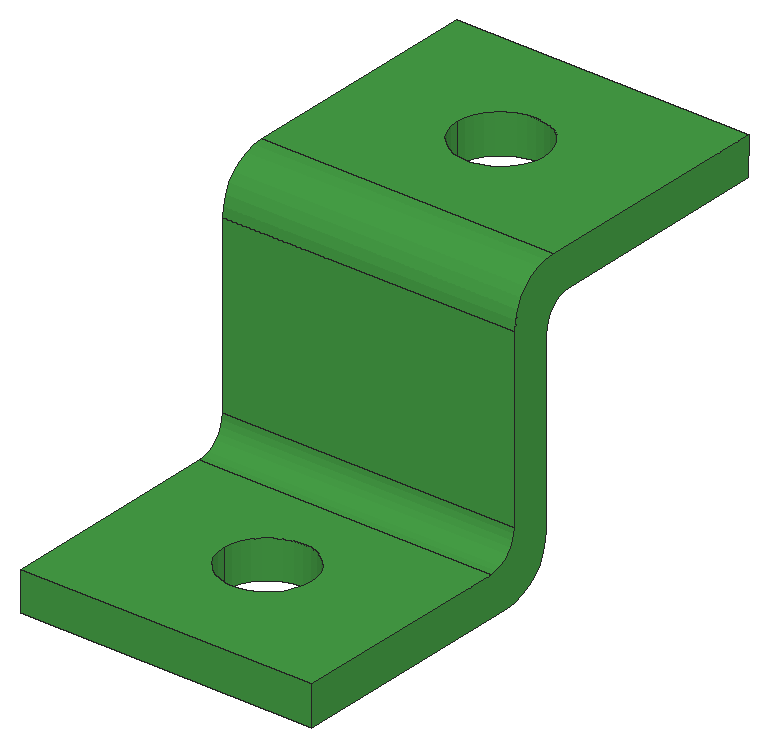
Revit family "P1347_2_Hole_Z_Shape_Fitting", category Generic Models, Revit 2020
Family settings
  Can host rebar = No
  Round Connector Dimension = Use Diameter
  Part Type = Normal
  OmniClass Number = 23.80.30.17.17
  OmniClass Title = Cable Trays and Horizontal Racks
  Work Plane-Based = Yes
  Always vertical = No
  Cut with Voids When Loaded = No
  Shared = No
  Room Calculation Point = No
Parameters (values of type "P1347 GR")
  Width = 1.875"
  Weight = 0.550 lbm
  URL = "https://www.atkore.com/products/strut-and-fittings/p1347"
  UPC = "\"786364134703\""
  Type Comments = "80_77_27_15"
  Thickness = 0.250"
  Salsify ID6 = ""
  Salsify ID5 = ""
  Salsify ID4 = ""
  Salsify ID3 = ""
  Salsify ID2 = ""
  Salsify ID1 = "US-P1347"
  Power-Strut Part Number = ""
  Part Number = "P1347 GR"
  Model = "P1347"
  Material = Green
  Manufacturer = "Atkore Unistrut"
  Length = 3.500"
  Hole Diameter = 0.5625"
  Height = 1.625"
  Disclaimer = "http://www.unistrut.us/model-disclaimer/"
  Description = "P1347 - 2 Hole Z Shape Fitting"
  Default Elevation = 48.000"
  Center Distance = 0.8125"
Types (5): name | Weight | UPC | Salsify ID6 | Salsify ID5 | Salsify ID4 | Salsify ID3 | Salsify ID2 | Power-Strut Part Number | Part Number | Material
  P1347 EG | 0.550 lbm | "\"78636401994\"" | " " | " " | " " | " " | " " | "PS 647 EG" | "P1347 EG" | Electro Galvanized
  P1347 HG | 0.580 lbm | "\"786364019963\"" | "" | "" | "" | "" | "" | "" | "P1347 HG" | Hot Dip Galvanized
  P1347 GR | 0.550 lbm | "\"786364134703\"" | "" | "" | "" | "" | "" | "" | "P1347 GR" | Green
  P1347 SS | 0.550 lbm | "\"786364899329\"" | "" | "" | "" | "" | "" | "" | "P1347 SS" | Stainless Steel
  P1347 ST | 0.550 lbm | "\"786364055299\"" | "" | "" | "" | "" | "" | "" | "P1347 ST" | Stainless Steel
Reference planes (in)
  plane 1 "Center (Front/Back)": y = 0
  plane 2: z = 0
  plane 3 "Center (Left/Right)": x = 0
  plane 4: x = -0.9375
  plane 5: x = 0.9375
  plane 6: y = 1.75
  plane 7: y = -1.75
  plane 8: z = 0.25
  plane 9: z = -1.375
  plane 10: z = -1.625
  plane 11: y = -0.125
  plane 12: y = 0.125
Forms (in)
  Extrusion 1, solid, material "Green" <- "Material"
    sketch origin (0, 0, 0) x (0, 1, 0) y (0, 0, 1)
      loop
        line (1.75, 0.25) -> (0.1875, 0.25)
        arc (0.1875, 0.25) -> (-0.03347, 0.15847) -> (-0.125, -0.0625) r 0.3125
        line (-0.125, -0.0625) -> (-0.125, -1.1875)
        arc (-0.125, -1.1875) -> (-0.17992, -1.32008) -> (-0.3125, -1.375) r 0.1875
        line (-0.3125, -1.375) -> (-1.75, -1.375) -> (-1.75, -1.625) -> (-0.1875, -1.625)
        arc (-0.1875, -1.625) -> (0.03347, -1.53347) -> (0.125, -1.3125) r 0.3125
        line (0.125, -1.3125) -> (0.125, -0.1875)
        arc (0.125, -0.1875) -> (0.17992, -0.05492) -> (0.3125, 0) r 0.1875
        line (0.3125, 0) -> (1.75, 0) -> (1.75, 0.25)
    from -0.9375 to 0.9375
  Extrusion 2, void
    sketch origin (0, 0, 0) x (1, 0, 0) y (0, 1, 0)
      loop
        circle (0, 0.9375) r 0.28125
      loop
        circle (0, -0.9375) r 0.28125
    from -1.625 to 0.25
Cuts and joins
  Extrusion 2 cuts Extrusion 1
Dimensions and locks (in)
  equal spacing: plane 7, plane 1 "Center (Front/Back)", plane 6
  "Length": plane 7 to plane 6
  equal spacing: plane 4, plane 3 "Center (Left/Right)", plane 5
  "Width": plane 4 to plane 5
  "Thickness": plane 8 to level
  "Thickness": plane 9 to plane 10
  "Height": plane 8 to plane 9
  equal spacing: plane 12, plane 1 "Center (Front/Back)", plane 11
  "Thickness": plane 12 to plane 11
  "Center Distance": Extrusion 2 sketch curve to plane 6
  "Center Distance": plane 7 to Extrusion 2 sketch curve
  "Hole Diameter": diameter of Extrusion 2 sketch curve  (x2)
  aligned and locked: plane 2 to level
  aligned and locked: Extrusion 1 sketch curve to plane 8
  aligned and locked: plane 6 to Extrusion 1 sketch curve
  aligned and locked: level to Extrusion 1 sketch curve
  aligned and locked: Extrusion 1 sketch curve to plane 11
  aligned and locked: plane 12 to Extrusion 1 sketch curve
  aligned and locked: plane 10 to Extrusion 1 sketch curve
  aligned and locked: Extrusion 1 sketch curve to plane 7
  aligned and locked: Extrusion 1 sketch curve to plane 9
  aligned and locked: Extrusion 1 to plane 4
  aligned and locked: plane 5 to Extrusion 1
  aligned and locked: plane 3 "Center (Left/Right)" to Extrusion 2 sketch curve  (x2)
  aligned and locked: Extrusion 2 to Extrusion 1  (x2)
Automatic sketch dimensions
  plane 11 to Extrusion 1 sketch curve = 0.1875"
  Extrusion 1 sketch curve to plane 12 = 0.0625"
  Extrusion 1 sketch curve to Extrusion 1 sketch curve = 0.125"
  plane 9 to Extrusion 1 sketch curve = 0.0625"
